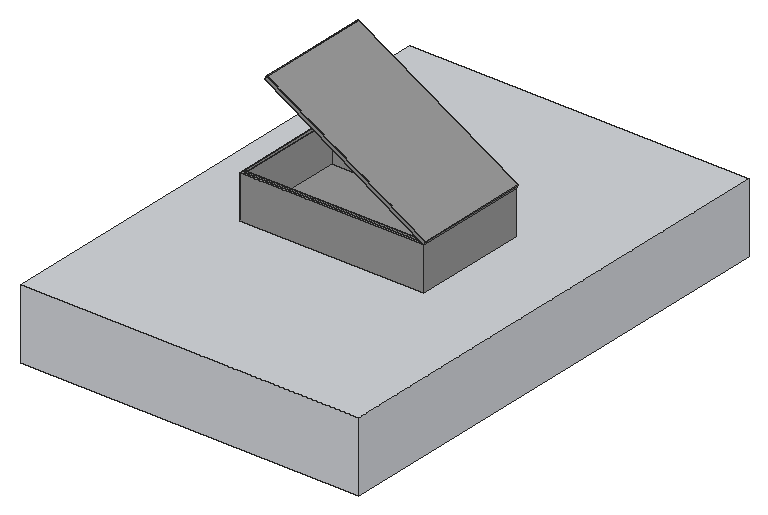
Revit family "Hager-Univers-IP54-D205-H500-Cl.I-Encl-DE-de", category Equipement électrique, Revit 2020
Family settings
  Hôte = Face
  Configuration du panneau = Deux colonnes, circuits au sein
  Cote de connecteur circulaire = Utiliser le diamètre
  Type d'élément = Tableau de raccordement
  Couper avec des vides une fois chargée = Non
  Partagée = Non
  Point de calcul de pièce = Non
Parameters (values of type "Aufputz IP54 B800 H500 T205  - FP33TW2")
  Width Control [instance] = if([EF000008 - Breite] > Min Width, [EF000008 - Breite], Min Width)  # 800 mm
  Commentaires du type = [HG000003 - Bereich]  # "Univers"
  Thickness Door [instance] = if([EF009171 - Materialstärke Tür/Deckel] > 3 mm, 3 mm, [EF009171 - Materialstärke Tür/Deckel])  # 1 mm
  Seal Frame Offset [instance] = 17 mm  # constant formula
  Plinth Visibility [instance] = [HG000027 - Sockelhöhe] > 0 mm  # no
  Model = ""
  Min Width [instance] = 100 mm  # constant formula
  Min Height [instance] = 100 mm  # constant formula
  Min Depth [instance] = (2 * [EF009170 - Materialstärke Gehäuse]) + 1 mm  # 3 mm
  Internal Frame Depth [instance] = (Door System Depth * 0.5)  # 9 mm
  Height Control [instance] = if([EF000040 - Höhe] > Min Height, [EF000040 - Höhe], Min Height)  # 500 mm
  HG000027 - Sockelhöhe = 0 mm
  HG000026 - Stehend auf dem Boden = no
  HG000024 - Höhe des unteren Teils = 800 mm
  HG000023 - Gehäuse mit doppeltem Querschnitt = no
  HG000016 - 3D-Türsichtbarkeit [instance] = yes
  HG000015 - Sichtbarkeit der Türöffnung [instance] = no
  HG000014 - Tür rechts [instance] = yes
  HG000013 - Tür links [instance] = not([HG000014 - Tür rechts])  # no
  HG000012 - Türschwenkwinkel [instance] = 30.00°
  HG000010 - Asymmetrische Türen = no
  HG000009 - Doppelflügeligen Tür = no
  HG000006 - Unterputz = no
  HG000004 - Herstellerreferenz = "FP33TW2"
  HG000003 - Bereich = "Univers"
  HG000002 - Mit tür = yes
  Frame Offset Bottom [instance] = 10 mm  # constant formula
  Frame Offset [instance] = 15 mm  # constant formula
  EF015940 - Deckel mit Überdruckentlastung = no
  EF011959 - Schutzart (NEMA) = ""
  EF009554 - Anzahl der Öffnungen für Flanschplatten = 6
  Fabricant = "Hager"  # constant formula
  EF009212 - Ausführung Deckel = "EV000116 - geschlossen"
  EF009171 - Materialstärke Tür/Deckel = 1 mm
  EF009170 - Materialstärke Gehäuse = 1 mm
  EF008873 - Nennstrom (In) = 250 A
  EF007800 - Geeignet für Blitzschutz = no
  EF006306 - Mit Schloss = no
  EF006244 - Transparenter Deckel/Tür = no
  EF005474 - Schutzart (IP) = "EV006419 - IP54"
  EF004464 - Art der Tür = "EV002646 - Einzel"
  EF004427 - Anzahl der Module = 108
  EF004293 - Schlagfestigkeit = "EV006815 - IK09"
  EF003532 - Geeignet für Außengebrauch = no
  EF002950 - Breite in Teilungseinheiten = 36
  EF001613 - Funktionserhalt = "EV000494 - ohne"
  EF001596 - Werkstoff des Gehäuses = "EV000179 - Stahl"
  EF001131 - Innentiefe = 205 mm
  EF001088 - Anbaumöglichkeit = yes
  EF000437 - Anzahl der Leitungseinführungen = 6
  EF000339 - Art der Abdeckung = "EV001012 - Deckel"
  EF000266 - Anzahl der Reihen = 3
  EF000218 - Einbautiefe = 205 mm
  EF000118 - Mit Montageplatte = no
  EF000116 - RAL-Nummer = "9010"
  EF000049 - Tiefe = 205 mm
  EF000040 - Höhe = 500 mm
  EF000008 - Breite = 800 mm
  EF000007 - Farbe = "EV000202 - weiß"
  EF000003 - Montageart = "EV000384 - Aufputz"
  Door System Leaf Tolerance [instance] = 1.5 mm  # constant formula
  Door System Depth [instance] = 18 mm  # constant formula
  Door Height [instance] = Height Control - [HG000027 - Sockelhöhe]  # 500 mm
  Depth Control [instance] = if([EF000049 - Tiefe] > Min Depth, [EF000049 - Tiefe], Min Depth)  # 205 mm
  Default Elevation = 0 mm
  Connector Offset [instance] = Height Control / 2  # 250 mm
  Bottom Top Plate Trim [instance] = 1.5 mm  # constant formula
  Plinth height Ctrl [instance] = if([HG000027 - Sockelhöhe] > 0 mm, [HG000027 - Sockelhöhe], 12 mm)  # 12 mm
Types (7, lengths in mm): name | Width Control | HG000004 - Herstellerreferenz | EF009554 - Anzahl der Öffnungen für Flanschplatten | EF004464 - Art der Tür | EF004427 - Anzahl der Module | EF002950 - Breite in Teilungseinheiten | EF000437 - Anzahl der Leitungseinführungen | EF000008 - Breite
  Aufputz IP54 B1300 H500 T205  - FP35TW2 | 1300 | "FP35TW2" | 10 | "EV003602 - Doppel" | 180 | 60 | 10 | 1300
  Aufputz IP54 B300 H500 T205  - FP31TW | 300 | "FP31TW" | 2 | "EV002646 - Einzel" | 36 | 12 | 2 | 300
  Aufputz IP54 B300 H500 T205  - FP31TW2 | 300 | "FP31TW2" | 2 | "EV002646 - Einzel" | 36 | 12 | 2 | 300
  Aufputz IP54 B550 H500 T205  - FP32TW | 550 | "FP32TW" | 4 | "EV002646 - Einzel" | 72 | 24 | 4 | 550
  Aufputz IP54 B550 H500 T205  - FP32TW2 | 550 | "FP32TW2" | 4 | "EV002646 - Einzel" | 72 | 24 | 4 | 550
  Aufputz IP54 B800 H500 T205  - FP33TW | 800 | "FP33TW" | 6 | "EV002646 - Einzel" | 108 | 36 | 6 | 800
  Aufputz IP54 B800 H500 T205  - FP33TW2 | 800 | "FP33TW2" | 6 | "EV002646 - Einzel" | 108 | 36 | 6 | 800
Reference planes
  plane 1 "Center (Front/Back)": y = 0
  plane 2: z = 0
  plane 3 "Center (Left/Right)": x = 0
  plane 4: z = 205
  plane 5: y = 1
  plane 6: y = 250
  plane 7: y = 0
  plane 8: y = 500
  plane 9: z = 0
  plane 10: x = -385
  plane 11: x = 385
  plane 12: x = 384
  plane 13: x = -384
  plane 14: y = 499
  plane 15: x = -383
  plane 16: x = -400
  plane 17: x = 383
  plane 18: x = 400
  plane 19: x = 399
  plane 20: x = -399
  plane 21: y = 11
  plane 22: y = 500
  plane 23: y = 484
  plane 24: z = 187
  plane 25: z = 1
  plane 26: z = 186
  plane 27: z = 204
Forms (mm)
  Extrusion 1, solid
    sketch origin (0, 0, 0) x (1, 0, 0) y (0, 1, 0)
      loop
        line (-702.964, 1305) -> (-702.964, -811.445) -> (766.763, -811.445) -> (766.763, 1305) -> (-702.964, 1305)
    from 0 to -304.8
  Extrusion 2, solid, material "Hager_Steel_RAL7035_Light_Grey", visible <- "Plinth Visibility", detail levels medium+fine
    sketch origin (0, 0, 0) x (1, 0, 0) y (0, 1, 0)
      loop
        line (-400, 0) -> (400, 0) -> (400, 12) -> (-400, 12) -> (-400, 0)
    from 0 to 187
  Extrusion 3, solid, material "Hager_Steel_RAL7035_Light_Grey", detail levels medium+fine
    sketch origin (0, 0, 0) x (1, 0, 0) y (0, 1, 0)
      loop
        line (-400, 0) -> (400, 0) -> (400, 500) -> (-400, 500) -> (-400, 0)
    from 0 to 187
  Extrusion 4, void
    sketch origin (0, 0, 0) x (1, 0, 0) y (0, 1, 0)
      loop
        line (-399, 1) -> (399, 1) -> (399, 499) -> (-399, 499) -> (-399, 1)
    from 1 to 186
  Extrusion 5, void
    sketch origin (-381.607, -4572, 187) x (0, -1, 0) y (-1, 0, 0)
      loop
        line (-4583, 2.393) -> (-5056, 2.393) -> (-5056, -765.607) -> (-4583, -765.607) -> (-4583, 2.393)
    from 0 to 1 <- "EF009170 - Materialstärke Gehäuse"
  Extrusion 6, solid, material "Hager_Steel_RAL7035_Light_Grey", detail levels fine
    sketch origin (0, 0, 187) x (1, 0, 0) y (0, 1, 0)
      loop
        line (-384, 484) -> (-384, 11) -> (384, 11) -> (384, 484) -> (-384, 484)
      loop
        line (-385, 10) -> (385, 10) -> (385, 485) -> (-385, 485) -> (-385, 10)
    from 0 to 9 <- "Internal Frame Depth"
  Extrusion 7, solid, material "Hager_Steel_RAL7035_Light_Grey", detail levels coarse
    sketch origin (0, 0, 0) x (1, 0, 0) y (0, 1, 0)
      loop
        line (-400, 0) -> (400, 0) -> (400, 500) -> (-400, 500) -> (-400, 0)
    from 0 to 205
  Sweep 8, void
    path in 3D
      loop
        line (-400, 12, 0) -> (400, 12, 0) -> (400, 12, 187) -> (-400, 12, 187) -> (-400, 12, 0)
    profile origin (-400, 12, 93.5) x (-1, 0, 0) y (0, -1, 0)
      loop
        line (0, 0) -> (0, 1.5) -> (-1.5, 1.5)
        arc (-1.5, 1.5) -> (-1.061, 0.439) -> (0, 0) r 1.5
Cuts and joins
  Extrusion 4, Extrusion 5 cuts Extrusion 3
  Sweep 8 cuts Extrusion 2
Lines and regions (mm)
  Masking region 1
    outline origin (0, 0, 0) x (1, 0, 0) y (0, 0, 1)
      loop
        line (-400, 205) -> (-400, 0) -> (400, 0) -> (400, 205) -> (-400, 205)
  Masking region 2, detail levels medium+fine
    outline origin (0, 140, 0) x (0, 1, 0) y (0, 0, 1)
      loop
        line (-140, 0) -> (360, 0) -> (360, 187) -> (-140, 187) -> (-140, 0)
  Masking region 3, not visible, detail levels medium+fine
    outline origin (0, 297.922, 0) x (0, 1, 0) y (0, 0, 1)
      loop
        line (-36.422, 0) -> (3.578, 0) -> (3.578, 194)
        arc (3.578, 194) -> (0.649, 201.071) -> (-6.422, 204) r 10
        line (-6.422, 204) -> (-36.422, 204) -> (-36.422, 0)
  Masking region 4, detail levels coarse
    outline origin (0, 0, 180) x (0, 1, 0) y (0, 0, 1)
      loop
        line (0, -180) -> (500, -180) -> (500, 25) -> (0, 25) -> (0, -180)
  Masking region 5, visible <- "Plinth Visibility", detail levels medium+fine
    outline origin (0, 52.24, 12.345) x (0, 0, -1) y (0, 1, 0)
      loop
        line (10.845, -40.24) -> (-173.155, -40.24)
        arc (-173.155, -40.24) -> (-173.594, -41.301) -> (-174.655, -41.74) r 1.5
        line (-174.655, -41.74) -> (-174.655, -52.24) -> (12.345, -52.24) -> (12.345, -41.74)
        arc (12.345, -41.74) -> (11.285, -41.301) -> (10.845, -40.24) r 1.5
  Masking region 6, detail levels medium+fine
    outline origin (-381.607, -4572, 187) x (-1, 0, 0) y (0, -1, 0)
      loop
        line (18.393, -5072) -> (18.393, -4572) -> (-781.607, -4572) -> (-781.607, -5072) -> (18.393, -5072)
  Masking region 7, visible <- "Plinth Visibility", detail levels medium+fine
    outline origin (-381.607, -4727, 187) x (-1, 0, 0) y (0, -1, 0)
      loop
        arc (16.893, -4739) -> (17.332, -4737.939) -> (18.393, -4737.5) r 1.5
        line (18.393, -4737.5) -> (18.393, -4727) -> (-781.607, -4727) -> (-781.607, -4737.5)
        arc (-781.607, -4737.5) -> (-780.546, -4737.939) -> (-780.107, -4739) r 1.5
        line (-780.107, -4739) -> (16.893, -4739)
  Masking region 8, detail levels coarse
    outline origin (-442.548, -4669.526, 187) x (-1, 0, 0) y (0, -1, 0)
      loop
        line (-42.548, -5169.526) -> (-42.548, -4669.526) -> (-842.548, -4669.526) -> (-842.548, -5169.526) -> (-42.548, -5169.526)
  sketch lines
    curve 1: line (-400, 12, 187) -> (-400, 12, 0)
    curve 2: line (400, 12, 187) -> (-400, 12, 187)
    curve 3: line (400, 12, 187) -> (400, 12, 0)
    curve 4: line (-400, 12, 0) -> (400, 12, 0)
Dimensions and locks
  "Depth Control": plane 4 to Extrusion 1
  "HG000027 - Sockelhöhe": plane 1 "Center (Front/Back)" to plane 7
  "EF009170 - Materialstärke Gehäuse": plane 5 to plane 7
  locked: connector elem to plane 3 "Center (Left/Right)"
  equal spacing: plane 8, plane 6, plane 7
  locked: connector elem to plane 6
  "EF009170 - Materialstärke Gehäuse": plane 8 to plane 14
  "EF009170 - Materialstärke Gehäuse": plane 10 to plane 13
  "EF009170 - Materialstärke Gehäuse": plane 12 to plane 11
  "Frame Offset": plane 20 to plane 13
  "Frame Offset": plane 12 to plane 19
  "EF009170 - Materialstärke Gehäuse": plane 16 to plane 20
  "EF009170 - Materialstärke Gehäuse": plane 19 to plane 18
  "Seal Frame Offset": plane 16 to plane 15
  "Seal Frame Offset": plane 17 to plane 18
  "Frame Offset Bottom": plane 21 to plane 5
  "Frame Offset": plane 14 to plane 23
  equal spacing: plane 16, plane 3 "Center (Left/Right)", plane 18
  "Width Control": plane 16 to plane 18
  "EF009170 - Materialstärke Gehäuse": plane 4 to plane 27
  "EF009170 - Materialstärke Gehäuse": plane 24 to plane 26
  "EF009170 - Materialstärke Gehäuse": plane 25 to level
  "Door System Depth": plane 4 to plane 24
  "Height Control": plane 1 "Center (Front/Back)" to Extrusion 7 sketch curve
  "Height Control": Masking region 4 sketch curve to plane 1 "Center (Front/Back)"
  "Height Control": plane 1 "Center (Front/Back)" to plane 22
  "Bottom Top Plate Trim": profile plane to Sweep 8 sketch curve
  "Bottom Top Plate Trim": Sweep 8 sketch curve to profile plane
  "Plinth height Ctrl": plane 1 "Center (Front/Back)" to Extrusion 2 sketch curve
  "Plinth height Ctrl": Masking region 5 sketch curve to plane 1 "Center (Front/Back)"
  "Plinth height Ctrl": plane 1 "Center (Front/Back)" to Masking region 7 sketch curve
  "Thickness Door": Extrusion 6 sketch curve to Extrusion 6 sketch curve  (x3)
  "Thickness Door": cut or joined group of Extrusion 3, Extrusion 4, Extrusion 5 to Extrusion 6 sketch curve
  radius of Masking region 3 sketch curve = 10 mm
  "Bottom Top Plate Trim": radius of Masking region 5 sketch curve  (x2)
  "Bottom Top Plate Trim": radius of Sweep 8 sketch curve
  "Bottom Top Plate Trim": radius of Masking region 7 sketch curve  (x2)
  aligned and locked: plane 2 to Extrusion 1
  aligned and locked: level to Extrusion 1
  aligned and locked: level to Masking region 1 sketch curve
  aligned and locked: Masking region 1 sketch curve to plane 18
  aligned and locked: Masking region 1 sketch curve to plane 16
  aligned and locked: plane 7 to Masking region 2 sketch curve
  aligned and locked: level to Masking region 3 sketch curve
  aligned and locked: Masking region 3 sketch curve to plane 27
  aligned and locked: level to Masking region 2 sketch curve
  aligned and locked: plane 1 "Center (Front/Back)" to Extrusion 2 sketch curve
  aligned and locked: Extrusion 3 sketch curve to plane 7
  aligned and locked: plane 16 to Extrusion 3 sketch curve
  aligned and locked: plane 18 to Extrusion 3 sketch curve
  aligned and locked: plane 20 to Extrusion 4 sketch curve
  aligned and locked: plane 19 to Extrusion 4 sketch curve
  aligned and locked: Extrusion 4 sketch curve to plane 5
  aligned and locked: Extrusion 4 to plane 25
  aligned and locked: plane 26 to Extrusion 4
  aligned and locked: plane 24 to Extrusion 3
  aligned and locked: Extrusion 5 sketch curve to plane 21
  aligned and locked: Extrusion 5 sketch curve to plane 13
  aligned and locked: Extrusion 5 sketch curve to plane 12
  aligned and locked: plane 18 to Extrusion 7 sketch curve
  aligned and locked: plane 1 "Center (Front/Back)" to Extrusion 7 sketch curve
  aligned and locked: plane 16 to Extrusion 7 sketch curve
  aligned and locked: plane 4 to Extrusion 7
  aligned and locked: Extrusion 7 to level
  aligned and locked: level to Masking region 4 sketch curve
  aligned and locked: Masking region 4 sketch curve to plane 1 "Center (Front/Back)"
  aligned and locked: Masking region 4 sketch curve to plane 4
  aligned and locked: nested 1 to level
  aligned and locked: nested 1 to plane 16
  aligned and locked: plane 8 to Extrusion 3 sketch curve
  aligned and locked: plane 23 to Extrusion 5 sketch curve
  aligned and locked: plane 14 to Extrusion 4 sketch curve
  aligned and locked: Masking region 2 sketch curve to plane 8
  aligned and locked: level to Masking region 5 sketch curve
  aligned and locked: plane 16 to Extrusion 2 sketch curve
  aligned and locked: plane 18 to Extrusion 2 sketch curve
  aligned and locked: Masking region 5 sketch curve to plane 24
  aligned and locked: Masking region 2 sketch curve to plane 24
  aligned and locked: plane 24 to Extrusion 2
  aligned and locked: profile plane to Sweep 8 sketch curve  (x2)
  aligned and locked: Masking region 6 sketch curve to plane 18
  aligned and locked: Masking region 6 sketch curve to plane 22
  aligned and locked: Masking region 6 sketch curve to plane 16
  aligned and locked: plane 8 to plane 22
  aligned and locked: Masking region 6 sketch curve to plane 7
  aligned and locked: Masking region 7 sketch curve to plane 16
  aligned and locked: Masking region 7 sketch curve to plane 1 "Center (Front/Back)"
  aligned and locked: Masking region 7 sketch curve to plane 18
  aligned and locked: Masking region 8 sketch curve to plane 1 "Center (Front/Back)"
  aligned and locked: Masking region 8 sketch curve to plane 18
  aligned and locked: Masking region 8 sketch curve to plane 22
  aligned and locked: Masking region 8 sketch curve to plane 16
  aligned and locked: nested 2 to plane 7
  aligned and locked: plane 3 "Center (Left/Right)" to nested 2
  aligned and locked: nested 2 to plane 24
  aligned and locked: Extrusion 6 sketch curve to cut or joined group of Extrusion 3, Extrusion 4, Extrusion 5  (x4)
Automatic sketch dimensions
  Extrusion 1 sketch curve to Extrusion 1 sketch curve = 1469.727 mm
  Extrusion 1 sketch curve to Extrusion 1 sketch curve = 2116.445 mm
  Masking region 1 sketch curve to plane 4 = 0 mm
  plane 6 to Masking region 3 sketch curve = 11.5 mm
  Masking region 3 sketch curve to Masking region 3 sketch curve = 30 mm
  Masking region 5 sketch curve to plane 1 "Center (Front/Back)" = 0 mm
Nested families
  nested 1: "Hager_Enclosure_Symbol" at (-400, 0, 0) x (1, 0, 0) z (0, -1, 0), Height <- "Depth Control", Width <- "Width Control", type "Hager_Enclosure_Symbol"
    with Width_Ctrl 800 mm, Width 800 mm, Height_Ctrl 205 mm, Height 205 mm, A_Width_Int 13.453 mm, A_Width 161.438 mm, A_Height_Ctrl 179.375 mm, A_Height 179.375 mm
  nested 2: "EC000058_Univers_Door" at (0, 0, 187) x (1, 0, 0) z (0, 1, 0), Leaf_Tolerance <- "Door System Leaf Tolerance", Angle <- "HG000012 - Türschwenkwinkel", Door_Depth <- "Door System Depth", Door_Left <- "HG000013 - Tür links", Transparent <- "EF006244 - Transparenter Deckel/Tür", Assymetrical <- "HG000010 - Asymmetrische Türen", Width <- "Width Control", Clearance <- "HG000015 - Sichtbarkeit der Türöffnung", Double <- "HG000009 - Doppelflügeligen Tür", 3d_Door <- "HG000016 - 3D-Türsichtbarkeit", Lock_Visibility <- "EF006306 - Mit Schloss", Width_Ctrl <- "Width Control", Door_Right <- "HG000014 - Tür rechts", Door <- "HG000002 - Mit tür", Height <- "Door Height", Thickness <- "Thickness Door", type "EC000058_Univers_Door", detail levels medium+fine
    with min_wh 3 mm, Width_Ctrl 800 mm, Width 800 mm, Transparent no, Thickness 1 mm, Seal_Material Hager_Rubber, Lock_Visibility no, Lock_Material Hager_Plastic_RAL9005_Jet_Black, Leaf_Width 800 mm, Leaf_Tolerance_External_Sides 0 mm, Leaf_Tolerance 1.5 mm, Leaf_Offset 0 mm, Leaf_Height 497 mm, Leaf_2_Width 800 mm, Leaf_2_Offset 400 mm, Leaf_1_Width 800 mm, Leaf_1_Offset 400 mm, Height_Ctrl 500 mm, Height 500 mm, Glass_Material Hager_Glass, Double_Clearance_Ctrl no, Double no, Door_Right_Ctrl yes, Door_Right yes, Door_Material Hager_Steel_RAL7035_Light_Grey, Door_Left_Ctrl no, Door_Left no, Door_Depth 18 mm, Door yes, Clearance_Material Hager_Clearance, Clearance_Depth 800 mm, Clearance_Ctrl no, Clearance no, Assymetrical no, Angle 30.00°, 3d_Door yes
Connectors
  electrical at (0, 250, 0)
    settings: on plane 9, index 1, voltage 0 V, apparent load 0 VA, apparent load phase1 0 VA, apparent load phase2 0 VA, apparent load phase3 0 VA, power factor 1, load classification "Other", number of poles 1, system type 30, power factor state 1, is connector primary yes, connector utility no, sub classification motor no, connector description ""
Definition of nested family "EC000058_Univers_Door"
  Parameters (values of type "EC000058_Univers_Door")
    min_wh [instance] = (2 * Thickness) + 1 mm  # 11 mm
    Width_Ctrl [instance] = 400 mm
    Width [instance] = 500 mm
    Transparent [instance] = yes
    Thickness [instance] = 5 mm
    Seal_Material [instance] = none
    Lock_Visibility [instance] = yes
    Lock_Material [instance] = none
    Leaf_Width [instance] = if((Width_Ctrl - 2 * Leaf_Tolerance_External_Sides) > 0 mm, (Width_Ctrl - 2 * Leaf_Tolerance_External_Sides), min_wh)  # 400 mm
    Leaf_Tolerance_External_Sides [instance] = 0 mm  # constant formula
    Leaf_Tolerance [instance] = 1.5 mm
    Leaf_Offset [instance] = 0 mm  # constant formula
    Leaf_Height [instance] = if((Height_Ctrl - 2 * Leaf_Tolerance) > 0 mm, (Height_Ctrl - 2 * Leaf_Tolerance), min_wh)  # 497 mm
    Leaf_2_Width [instance] = if(and(and(Double, Assymetrical), Door_Left), (Leaf_Width / 3) - (Leaf_Tolerance / 2), if(and(and(Double, Assymetrical), Door_Right), (Leaf_Width / 3) * 2 - (Leaf_Tolerance / 2), if(and(Double, not(Assymetrical)), (Leaf_Width / 2) - Leaf_Tolerance, Leaf_Width)))  # 400 mm
    Leaf_2_Offset [instance] = if(and(Double, Assymetrical), Leaf_2_Width / 2, if(and(Double, not(Assymetrical)), Leaf_Width / 4, Leaf_Width / 2))  # 200 mm
    Leaf_1_Width [instance] = if(and(and(Double, Assymetrical), Door_Right), (Leaf_Width / 3) - (Leaf_Tolerance / 2), if(and(and(Double, Assymetrical), Door_Left), (Width / 3) * 2 - (Leaf_Tolerance / 2), if(and(Double, not(Assymetrical)), (Leaf_Width / 2) - Leaf_Tolerance, Leaf_Width)))  # 400 mm
    Leaf_1_Offset [instance] = if(and(Double, Assymetrical), Leaf_1_Width / 2, if(and(Double, not(Assymetrical)), Leaf_Width / 4, Leaf_Width / 2))  # 200 mm
    Height_Ctrl [instance] = if(Height > min_wh, Height, min_wh)  # 500 mm
    Height [instance] = 500 mm
    Glass_Material [instance] = none
    Double_Clearance_Ctrl [instance] = and(Double, Clearance)  # no
    Double [instance] = no
    Door_Right_Ctrl [instance] = and(or(Door_Right, Double), Door)  # yes
    Door_Right [instance] = yes
    Door_Material [instance] = none
    Door_Left_Ctrl [instance] = and(or(Door_Left, Double), Door)  # no
    Door_Left [instance] = no
    Door_Depth [instance] = 30 mm
    Door [instance] = yes
    Default Elevation = 1219.2 mm
    Clearance_Material [instance] = none
    Clearance_Depth [instance] = if(Leaf_1_Width > Leaf_2_Width, Leaf_1_Width, Leaf_2_Width)  # 400 mm
    Clearance_Ctrl [instance] = and(not(Double), Clearance)  # yes
    Clearance [instance] = yes
    Assymetrical [instance] = yes
    Angle [instance] = 30.00°
    3d_Door [instance] = yes
  Reference planes
    plane 1 "Center (Front/Back)": y = 0
    plane 2 "Bottom": z = 0
    plane 3 "Center (Left/Right)": x = 0
    plane 4: z = 500
    plane 5: x = -200
    plane 6: x = 200
    plane 7: z = 500
    plane 8: x = -200
    plane 9: z = 0
    plane 10: x = 200
    plane 11: y = 0
    plane 12: z = 1.5
    plane 13: x = -600
    plane 14: y = -400
    plane 15: x = 600
    plane 16: x = 0
    plane 17: x = 0
    plane 18: x = -200
    plane 19: x = 200
    plane 20: z = 498.5
  Forms (mm)
    Extrusion 1, solid, material <- "Clearance_Material", visible <- "Double_Clearance_Ctrl"
      sketch origin (1200, 0, 0) x (1, 0, 0) y (0, 0, -1)
        loop
          line (-1800, -498.5) -> (-600, -498.5) -> (-600, 0) -> (-1800, 0) -> (-1800, -498.5)
      from 0 to -400
  Dimensions and locks
    equal spacing: plane 5, plane 3 "Center (Left/Right)", plane 6
    "Width_Ctrl": plane 5 to plane 6
    "Leaf_Offset": plane 5 to plane 8
    "Leaf_Offset": plane 6 to plane 10
    "Leaf_Offset": plane 9 to level
    "Leaf_Offset": plane 4 to plane 7
    "Height_Ctrl": plane 4 to level
    "Leaf_Tolerance": plane 12 to plane 9
    locked: plane 11 to plane 1 "Center (Front/Back)"
    "Leaf_1_Offset": plane 18 to plane 16
    "Leaf_2_Offset": plane 17 to plane 19
    "Leaf_1_Width": plane 13 to plane 8
    "Leaf_2_Width": plane 10 to plane 15
    "Clearance_Depth": plane 14 to plane 1 "Center (Front/Back)"
    "Leaf_Tolerance_External_Sides": plane 8 to plane 18
    "Leaf_Tolerance_External_Sides": plane 19 to plane 10
    "Leaf_Tolerance": plane 7 to plane 20
    aligned and locked: level to plane 2 "Bottom"
    aligned and locked: nested 1 to plane 16
    aligned and locked: nested 2 to plane 17
    aligned and locked: Extrusion 1 to plane 13
    aligned and locked: plane 15 to Extrusion 1
    aligned and locked: Extrusion 1 to plane 14
    aligned and locked: plane 12 to nested 1
    aligned and locked: nested 2 to plane 12
    aligned and locked: Extrusion 1 to plane 11
    aligned and locked: plane 20 to Extrusion 1
    aligned and locked: nested 2 to plane 11
    aligned and locked: nested 1 to plane 11
  Automatic sketch dimensions
    Extrusion 1 sketch curve to level = 0 mm
    plane 5 to Extrusion 1 sketch curve = 400 mm
    plane 6 to Extrusion 1 sketch curve = 400 mm
    Extrusion 1 sketch curve to plane 4 = 1.5 mm
  Nested families
    nested 1: "EC000058_Univers_Door_Leaf" at (0, 0, 1.5), Width <- "Leaf_1_Width", visible <- "Door_Left_Ctrl", Leaf_Height <- "Leaf_Height", Angle <- "Angle", 3d_Door <- "3d_Door", Transparent <- "Transparent", Clearance Material <- "Clearance_Material", Clearance <- "Clearance_Ctrl", Door_Material <- "Door_Material", Glass_Material <- "Glass_Material", Door_Depth <- "Door_Depth", Lock_Material <- "Lock_Material", Seal_Material <- "Seal_Material", Lock_Visibility <- "Lock_Visibility", Thickness <- "Thickness", type "EC000058_Univers_Door_Leaf"
      with Width 400 mm, Transparent_Glass_Offset 30 mm, Transparent_Ctrl yes, Transparent yes, Thickness 5 mm, Standard no, Seal_Material none, Seal_D2 8 mm, Seal_D1 1 mm, Offset_Internal_Frame 10 mm, Lock_Width 20 mm, Lock_Visibility_3d yes, Lock_Visibility yes, Lock_Thickness_3 3 mm, Lock_Thickness_2 1 mm, Lock_Thickness_1 3 mm, Lock_Radius_Offset_2 16 mm, Lock_Radius_Offset_1 15 mm, Lock_Radius_2 5 mm, Lock_Radius 6 mm, Lock_Offset 5 mm, Lock_Material none, Lock_Height 80 mm, Lock_Cover_Top_Offset_2d 17 mm, Lock_Cover_Height -65 mm, Leaf_Height 497 mm, Internal_Seal_Thickness 8 mm, Internal_Seal_Depth_2 4.5 mm, Internal_Frame_Depth 25 mm, Glass_Thickness -1 mm, Glass_Offset -2 mm, Glass_Material none, Door_Material none, Door_Depth 30 mm, Clearance Material none, Clearance yes, Angle_Ctrl 30.00°, Angle 30.00°, 3d_Door yes
    nested 2: "EC000058_Univers_Door_Leaf" at (0, 0, 1.5) x (-1, 0, 0) z (0, 0, 1), Width <- "Leaf_2_Width", visible <- "Door_Right_Ctrl", Leaf_Height <- "Leaf_Height", Angle <- "Angle", 3d_Door <- "3d_Door", Transparent <- "Transparent", Clearance Material <- "Clearance_Material", Clearance <- "Clearance_Ctrl", Door_Material <- "Door_Material", Glass_Material <- "Glass_Material", Door_Depth <- "Door_Depth", Lock_Material <- "Lock_Material", Seal_Material <- "Seal_Material", Lock_Visibility <- "Lock_Visibility", Thickness <- "Thickness", type "EC000058_Univers_Door_Leaf"
      with Width 400 mm, Transparent_Glass_Offset 30 mm, Transparent_Ctrl yes, Transparent yes, Thickness 5 mm, Standard no, Seal_Material none, Seal_D2 8 mm, Seal_D1 1 mm, Offset_Internal_Frame 10 mm, Lock_Width 20 mm, Lock_Visibility_3d yes, Lock_Visibility yes, Lock_Thickness_3 3 mm, Lock_Thickness_2 1 mm, Lock_Thickness_1 3 mm, Lock_Radius_Offset_2 16 mm, Lock_Radius_Offset_1 15 mm, Lock_Radius_2 5 mm, Lock_Radius 6 mm, Lock_Offset 5 mm, Lock_Material none, Lock_Height 80 mm, Lock_Cover_Top_Offset_2d 17 mm, Lock_Cover_Height -65 mm, Leaf_Height 497 mm, Internal_Seal_Thickness 8 mm, Internal_Seal_Depth_2 4.5 mm, Internal_Frame_Depth 25 mm, Glass_Thickness -1 mm, Glass_Offset -2 mm, Glass_Material none, Door_Material none, Door_Depth 30 mm, Clearance Material none, Clearance yes, Angle_Ctrl 30.00°, Angle 30.00°, 3d_Door yes
  Definition of nested family "EC000058_Univers_Door_Leaf"
    Parameters (values of type "EC000058_Univers_Door_Leaf")
      Width [instance] = 2000 mm
      Transparent_Glass_Offset [instance] = 30 mm
      Transparent_Ctrl [instance] = and(Transparent, [3d_Door])  # yes
      Transparent [instance] = yes
      Thickness [instance] = 5 mm
      Standard [instance] = and(not(Transparent), [3d_Door])  # no
      Seal_Material [instance] = none
      Seal_D2 [instance] = 8 mm  # constant formula
      Seal_D1 [instance] = 1 mm  # constant formula
      Offset_Internal_Frame [instance] = 10 mm  # constant formula
      Lock_Width [instance] = 20 mm  # constant formula
      Lock_Visibility_3d [instance] = and(Lock_Visibility, [3d_Door])  # yes
      Lock_Visibility [instance] = yes
      Lock_Thickness_3 [instance] = 3 mm  # constant formula
      Lock_Thickness_2 [instance] = 1 mm  # constant formula
      Lock_Thickness_1 [instance] = 3 mm  # constant formula
      Lock_Radius_Offset_2 [instance] = Lock_Radius_Offset_1 + 1 mm  # 16 mm
      Lock_Radius_Offset_1 [instance] = 15 mm  # constant formula
      Lock_Radius_2 [instance] = Lock_Radius - 1 mm  # 5 mm
      Lock_Radius [instance] = 6 mm  # constant formula
      Lock_Offset [instance] = 5 mm  # constant formula
      Lock_Material [instance] = none
      Lock_Height [instance] = 80 mm  # constant formula
      Lock_Cover_Top_Offset_2d [instance] = Lock_Radius_Offset_2 + 1 mm  # 17 mm
      Lock_Cover_Height [instance] = -(Lock_Height - Lock_Radius_Offset_1)  # -65 mm
      Leaf_Height [instance] = 2720.336 mm
      Internal_Seal_Thickness [instance] = 8 mm  # constant formula
      Internal_Seal_Depth_2 [instance] = 4.5 mm  # constant formula
      Internal_Frame_Depth [instance] = if(Door_Depth - Thickness > 5 mm, Door_Depth - Thickness, 5 mm)  # 25 mm
      Glass_Thickness [instance] = if(Thickness > 15 mm, Glass_Offset + 10 mm, -1 mm)  # -1 mm
      Glass_Offset [instance] = if(Thickness > 15 mm, -(Thickness + 10 mm) / 2, -2 mm)  # -2 mm
      Glass_Material [instance] = none
      Door_Material [instance] = none
      Door_Depth [instance] = 30 mm
      Default Elevation = 0 mm
      Clearance Material [instance] = none
      Clearance [instance] = yes
      Angle_Ctrl [instance] = if(Angle > 180.00°, 180.00°, Angle)  # 90.00°
      Angle [instance] = 90.00°
      3d_Door [instance] = yes
    Reference planes
      plane 1 "Center (Front/Back)": y = 0
      plane 2: z = 0
      plane 3 "Center (Left/Right)": x = 0
      plane 4: y = 2000
      plane 5: x = -1000
      plane 6: x = 1000
      plane 7: x = -3000
      plane 8: z = 2720.336
      plane 9: z = 30
      plane 10: z = 2690.336
      plane 11: x = 970
      plane 12: x = -970
      plane 13: y = -3
      plane 14: z = 107.833
      plane 15: y = -5
      plane 16: y = -223.314
      plane 17: x = -1000
      plane 18: z = 1360.168
      plane 19: y = 30
    Forms (mm)
      Extrusion 1, solid, material <- "Clearance Material", visible <- "Clearance"
        sketch origin (0, 0, 0) x (1, 0, 0) y (0, 0, 1)
          loop
            line (-3000, 2720.336) -> (-3000, 0) -> (1000, 0) -> (1000, 2720.336) -> (-3000, 2720.336)
        from 0 to -2000
      Extrusion 2, solid, material <- "Door_Material", visible <- "Standard", detail levels medium+fine
        sketch origin (-1000, 0, 0) x (0, 1, 0) y (-1, 0, 0)
          loop
            line (0, 30) -> (0, 25) -> (2000, 25) -> (2000, 30) -> (0, 30)
        from 0 to 2720.336 <- "Leaf_Height"
      Extrusion 3, solid, material <- "Door_Material", visible <- "Transparent_Ctrl", detail levels medium+fine
        sketch origin (-1000, 0, 0) x (0, 1, 0) y (-1, 0, 0)
          loop
            line (0, 25) -> (2000, 25) -> (2000, 30) -> (0, 30) -> (0, 25)
        from 0 to 2720.336 <- "Leaf_Height"
      Extrusion 4, void
        sketch origin (-1025, 2000, 0) x (0, 1, 0) y (0, 0, -1)
          loop
            line (-30, -2690.336) -> (-30, -30) -> (-1970, -30) -> (-1970, -2690.336) -> (-30, -2690.336)
        from 0 to 5 <- "Thickness"
      Sweep 5, solid, material <- "Seal_Material", visible <- "Transparent_Ctrl", detail levels fine
        path in 3D
          loop
            line (-1025, 30, 30) -> (-1025, 30, 2690.336) -> (-1025, 1970, 2690.336) -> (-1025, 1970, 30) -> (-1025, 30, 30)
        profile origin (-1025, 1000, 30) x (1, 0, 0) y (0, 0, 1)
          loop
            line (0, 0) -> (0, -8) -> (1, -8) -> (1, 0) -> (0, 0)
      Extrusion 6, solid, material <- "Glass_Material", visible <- "Transparent_Ctrl", detail levels medium+fine
        sketch origin (-1030, 0, 0) x (0, 1, 0) y (0, 0, -1)
          loop
            line (1970, -2690.336) -> (1970, -30) -> (30, -30) -> (30, -2690.336) -> (1970, -2690.336)
        from -2 <- "Glass_Offset" to -1 <- "Glass_Thickness"
      Extrusion 7, solid, material <- "Door_Material", visible <- "3d_Door", detail levels medium+fine
        sketch origin (-1025, 2000, 0) x (0, -1, 0) y (0, 0, -1)
          loop
            line (0, -2720.336) -> (2000, -2720.336) -> (2000, 0) -> (0, 0) -> (0, -2720.336)
          loop
            line (1995, -5) -> (5, -5) -> (5, -2715.336) -> (1995, -2715.336) -> (1995, -5)
        from 0 to 25 <- "Internal_Frame_Depth"
      Sweep 8, solid, material <- "Seal_Material", visible <- "Transparent_Ctrl", detail levels fine
        path in 3D
          loop
            line (-1025, 0, 0) -> (-1025, 2000, 0) -> (-1025, 2000, 2720.336) -> (-1025, 0, 2720.336) -> (-1025, 0, 0)
        profile origin (-1025, 0, 1360.168) x (1, 0, 0) y (0, 1, 0)
          loop
            line (0, 10) -> (2.975, 10)
            arc (2.975, 10) -> (4.053, 10.447) -> (4.5, 11.525) r 1.525
            line (4.5, 11.525) -> (4.5, 16.527)
            arc (4.5, 16.527) -> (4.069, 17.569) -> (3.027, 18) r 1.473
            line (3.027, 18) -> (0, 18) -> (0, 10)
      Extrusion 9, solid, material <- "Lock_Material", visible <- "Lock_Visibility_3d", detail levels fine
        sketch origin (-1030, 0, 0) x (0, 1, 0) y (0, 0, -1)
          loop
            arc (1993.5, -1400.168) -> (1994.561, -1399.729) -> (1995, -1398.668) r 1.5
            line (1995, -1398.668) -> (1995, -1320.168) -> (1975, -1320.168) -> (1975, -1398.668)
            arc (1975, -1398.668) -> (1975.439, -1399.729) -> (1976.5, -1400.168) r 1.5
            line (1976.5, -1400.168) -> (1993.5, -1400.168)
        from 3 <- "Lock_Thickness_1" to 0
      Blend 10, solid, material <- "Lock_Material", visible <- "Lock_Visibility_3d", detail levels fine
        base sketch origin (-1033, 0, 0) x (0, 1, 0) y (0, 0, -1)
          loop
            line (1975, -1320.168) -> (1975, -1398.668)
            arc (1975, -1398.668) -> (1975.439, -1399.729) -> (1976.5, -1400.168) r 1.5
            line (1976.5, -1400.168) -> (1993.5, -1400.168)
            arc (1993.5, -1400.168) -> (1994.561, -1399.729) -> (1995, -1398.668) r 1.5
            line (1995, -1398.668) -> (1995, -1320.168) -> (1975, -1320.168)
        top sketch origin (-1033, 0, 0) x (0, 1, 0) y (0, 0, -1)
          loop
            line (1976, -1320.168) -> (1976, -1398.668)
            arc (1976, -1398.668) -> (1976.146, -1399.022) -> (1976.5, -1399.168) r 0.5
            line (1976.5, -1399.168) -> (1993.5, -1399.168)
            arc (1993.5, -1399.168) -> (1993.854, -1399.022) -> (1994, -1398.668) r 0.5
            line (1994, -1398.668) -> (1994, -1320.168) -> (1976, -1320.168)
        from 0 to 1 <- "Lock_Thickness_2"
      Blend 11, solid, material <- "Lock_Material", visible <- "Lock_Visibility_3d", detail levels fine
        base sketch origin (-1034, 0, 0) x (0, 1, 0) y (0, 0, -1)
          loop
            line (1978, -1320.168) -> (1978, -1384.168)
            arc (1978, -1384.168) -> (1985, -1391.168) -> (1992, -1384.168) r 7
            line (1992, -1384.168) -> (1992, -1320.168) -> (1978, -1320.168)
        top sketch origin (-1034, 0, 0) x (0, 1, 0) y (0, 0, -1)
          loop
            line (1991, -1320.168) -> (1979, -1320.168) -> (1979, -1383.168)
            arc (1979, -1383.168) -> (1985, -1389.168) -> (1991, -1383.168) r 6
            line (1991, -1383.168) -> (1991, -1320.168)
        from 0 to 3 <- "Lock_Thickness_3"
      Extrusion 12, solid, material <- "Lock_Material", visible <- "Lock_Visibility_3d", detail levels fine
        sketch origin (-1030, 1975, 1320.168) x (1, 0, 0) y (0, -1, 0)
          loop
            line (-7, -19) -> (-7, -1) -> (0, -1) -> (0, 0) -> (-8, 0) -> (-8, -20) -> (0, -20) -> (0, -19) -> (-7, -19)
        from 0 to -65 <- "Lock_Cover_Height"
      Extrusion 13, void
        sketch origin (-1038, 1995, 1320.168) x (-1, 0, 0) y (0, 0, -1)
          loop
            line (-5, -65) -> (0, -65) -> (-5, -60) -> (-5, -65)
        from 0 to 20 <- "Lock_Width"
      Extrusion 14, void
        sketch origin (-1038, 1975, 1320.168) x (0, -1, 0) y (0, 0, -1)
          loop
            circle (-10, -15.995) r 6
          loop
            circle (-10, -15.995) r 5
        from 0 to 2
      Extrusion 15, solid, material <- "Lock_Material", visible <- "Lock_Visibility_3d", detail levels medium
        sketch origin (-1030, 0, 0) x (0, 1, 0) y (0, 0, -1)
          loop
            arc (1993.5, -1400.168) -> (1994.561, -1399.729) -> (1995, -1398.668) r 1.5
            line (1995, -1398.668) -> (1995, -1320.168) -> (1975, -1320.168) -> (1975, -1398.668)
            arc (1975, -1398.668) -> (1975.439, -1399.729) -> (1976.5, -1400.168) r 1.5
            line (1976.5, -1400.168) -> (1993.5, -1400.168)
        from 8 to 0
    Cuts and joins
      Extrusion 4 cuts Extrusion 3
      Extrusion 13, Extrusion 14 cuts Extrusion 9
      Extrusion 14 cuts Blend 11
      Extrusion 13, Extrusion 14 cuts Extrusion 12
      joined: Extrusion 9, Blend 10, Blend 11, Extrusion 12
      Extrusion 14 cuts Extrusion 15
    Lines and regions (mm)
      Masking region 1, visible <- "Lock_Visibility", detail levels fine
        outline origin (0, 0, 0) x (0, 1, 0) y (0, 0, 1)
          loop
            line (30, 1320.168) -> (33, 1320.168) -> (33, 1400.168) -> (30, 1400.168) -> (30, 1320.168)
      Masking region 2, visible <- "Lock_Visibility", detail levels fine
        outline origin (0, 3.143, 0) x (0, 1, 0) y (0, 0, 1)
          loop
            line (29.857, 1354.168) -> (30.857, 1354.168) -> (30.857, 1366.168) -> (29.857, 1366.168) -> (29.857, 1354.168)
      Masking region 3, detail levels medium+fine
        outline origin (0, 0, 0) x (0, 1, 0) y (0, 0, 1)
          loop
            line (0, 0) -> (30, 0) -> (30, 2720.336) -> (0, 2720.336) -> (0, 0)
      Masking region 4, detail levels medium+fine
        outline origin (0, 0, 0) x (1, 0, 0) y (0, 0, 1)
          loop
            line (-1000, 2720.336) -> (-1000, 0) -> (1000, 0) -> (1000, 2720.336) -> (-1000, 2720.336)
      Masking region 5, visible <- "Lock_Visibility", detail levels fine
        outline origin (-47.116, 0, 0) x (1, 0, 0) y (0, 0, 1)
          loop
            arc (1024.616, 1399.168) -> (1023.556, 1398.729) -> (1023.116, 1397.668) r 1.5
            line (1023.116, 1397.668) -> (1023.116, 1320.168) -> (1041.116, 1320.168) -> (1041.116, 1397.668)
            arc (1041.116, 1397.668) -> (1040.677, 1398.729) -> (1039.616, 1399.168) r 1.5
            line (1039.616, 1399.168) -> (1024.616, 1399.168)
      Masking region 6, visible <- "Lock_Visibility", detail levels medium+fine
        outline origin (-25, 0, 0) x (1, 0, 0) y (0, 0, 1)
          loop
            arc (1001.5, 1400.168) -> (1000.439, 1399.729) -> (1000, 1398.668) r 1.5
            line (1000, 1398.668) -> (1000, 1320.168) -> (1020, 1320.168) -> (1020, 1398.668)
            arc (1020, 1398.668) -> (1019.561, 1399.729) -> (1018.5, 1400.168) r 1.5
            line (1018.5, 1400.168) -> (1001.5, 1400.168)
      Masking region 7, visible <- "Lock_Visibility", detail levels fine
        outline origin (-73.735, 0, 0) x (1, 0, 0) y (0, 0, 1)
          loop
            line (1051.735, 1382.168) -> (1065.735, 1382.168) -> (1065.735, 1384.168)
            arc (1065.735, 1384.168) -> (1058.735, 1391.168) -> (1051.735, 1384.168) r 7
            line (1051.735, 1384.168) -> (1051.735, 1382.168)
      Masking region 8, visible <- "Lock_Visibility", detail levels fine
        outline origin (-73.735, 0, 0) x (1, 0, 0) y (0, 0, 1)
          loop
            line (1052.735, 1382.168) -> (1064.735, 1382.168) -> (1064.735, 1383.168)
            arc (1064.735, 1383.168) -> (1058.735, 1389.168) -> (1052.735, 1383.168) r 6
            line (1052.735, 1383.168) -> (1052.735, 1382.168)
      Masking region 9, visible <- "Lock_Visibility", detail levels fine
        outline origin (-25, 0, 0) x (1, 0, 0) y (0, 0, 1)
          loop
            line (1020, 1320.168) -> (1020, 1382.168) -> (1000, 1382.168) -> (1000, 1320.168) -> (1020, 1320.168)
      Masking region 10, detail levels medium+fine
        outline origin (0, 0, 0) x (1, 0, 0) y (0, 0, 1)
          loop
            circle (985, 1335.144) r 6
      Masking region 11, detail levels fine
        outline origin (0, 0, 0) x (1, 0, 0) y (0, 0, 1)
          loop
            circle (985, 1335.144) r 5
      Masking region 12, visible <- "Lock_Visibility", detail levels fine
        outline origin (0, 12.767, 0) x (0, 1, 0) y (0, 0, 1)
          loop
            line (20.233, 1320.168) -> (21.233, 1320.168) -> (21.233, 1399.168) -> (20.233, 1400.168) -> (20.233, 1320.168)
      Masking region 13, visible <- "Lock_Visibility", detail levels fine
        outline origin (0, 13.767, -10) x (0, 1, 0) y (0, 0, 1)
          loop
            line (20.233, 1330.168) -> (23.233, 1330.168) -> (23.233, 1399.168) -> (20.233, 1402.168) -> (20.233, 1330.168)
      Masking region 14, visible <- "Lock_Visibility", detail levels fine
        outline origin (0, 12.767, -10) x (0, 1, 0) y (0, 0, 1)
          loop
            line (20.233, 1330.168) -> (25.233, 1330.168) -> (25.233, 1399.305) -> (20.233, 1394.305) -> (20.233, 1330.168)
      Masking region 15, visible <- "Lock_Visibility", detail levels medium
        outline origin (0, 0, 0) x (0, 1, 0) y (0, 0, 1)
          loop
            line (30, 1320.168) -> (38, 1320.168) -> (38, 1400.168) -> (30, 1400.168) -> (30, 1320.168)
      Masking region 16, visible <- "Lock_Visibility", detail levels fine
        outline origin (-1000, 0, 0) x (0, 1, 0) y (-1, 0, 0)
          loop
            line (1975, 30) -> (1995, 30) -> (1995, 38) -> (1975, 38) -> (1975, 30)
          loop
            line (1979, 37) -> (1976, 37) -> (1976, 34) -> (1978, 34) -> (1979, 37)
          loop
            line (1994, 37) -> (1991, 37) -> (1992, 34) -> (1994, 34) -> (1994, 37)
      Masking region 17, visible <- "Lock_Visibility", detail levels medium
        outline origin (-1000, 0, 0) x (0, 1, 0) y (-1, 0, 0)
          loop
            line (1975, 30) -> (1995, 30) -> (1995, 38) -> (1975, 38) -> (1975, 30)
      symbolic lines
        curve 1: line (1000, 0, 0) -> (-3000, 0, 0)
        curve 2: arc (1000, 0, 0) -> (-1000, 2000, 0) -> (-3000, 0, 0) r 2000
        curve 4: line (-1030, 0, 0) -> (-1030, 2000, 0)
      reference lines
        curve 3: line (-1000, 0, 0) -> (-1000, 2000, 0)
      symbolic lines, detail levels medium+fine
        curve 5: line (-1030, 2000, 0) -> (-1025, 2000, 0)
        curve 7: line (-1025, 0, 0) -> (-1030, 0, 0)
        curve 8: line (-1025, 0, 0) -> (-1000, 0, 0)
        curve 9: line (-1000, 0, 0) -> (-1000, 2000, 0)
        curve 10: line (-1000, 2000, 0) -> (-1025, 2000, 0)
      symbolic lines, detail levels fine
        curve 6: line (-1025, 2000, 0) -> (-1025, 0, 0)
      sketch lines
        curve 11: line (-1025, 0, 2720.336) -> (-1025, 0, 0)
        curve 12: line (-1025, 2000, 0) -> (-1025, 0, 0)
        curve 13: line (-1025, 2000, 2720.336) -> (-1025, 2000, 0)
        curve 14: line (-1025, 0, 2720.336) -> (-1025, 2000, 2720.336)
        curve 15: line (-1025, 1970, 30) -> (-1025, 30, 30)
        curve 16: line (-1025, 30, 30) -> (-1025, 30, 2690.336)
        curve 17: line (-1025, 1970, 2690.336) -> (-1025, 1970, 30)
        curve 18: line (-1025, 30, 2690.336) -> (-1025, 1970, 2690.336)
      symbolic lines, visible <- "Transparent", detail levels medium+fine
        curve 19: line (-970, 0, 2690.336) -> (970, 0, 2690.336)
        curve 20: line (-970, 0, 30) -> (-970, 0, 2690.336)
        curve 21: line (970, 0, 30) -> (-970, 0, 30)
        curve 22: line (970, 0, 2690.336) -> (970, 0, 30)
    Dimensions and locks
      "Width": plane 1 "Center (Front/Back)" to plane 4
      equal spacing: plane 5, plane 3 "Center (Left/Right)", plane 6
      "Width": plane 5 to plane 6
      "Width": plane 7 to plane 5
      "Leaf_Height": plane 8 to level
      "Width": curve 5 to curve 3
      "Width": curve 3 to curve 3
      plane 8 to plane 10 = 30 mm
      plane 9 to level = 30 mm
      plane 12 to plane 5 = 30 mm
      plane 6 to plane 11 = 30 mm
      Extrusion 1 to Extrusion 4 sketch curve = 30 mm
      "Transparent_Glass_Offset": curve 3 to Extrusion 4 sketch curve
      "Transparent_Glass_Offset": Extrusion 4 sketch curve to cut or joined group of Extrusion 3, Extrusion 4  (x2)
      cut or joined group of Extrusion 3, Extrusion 4 to Extrusion 6 sketch curve = 30 mm
      "Transparent_Glass_Offset": cut or joined group of Extrusion 3, Extrusion 4 to Extrusion 4 sketch curve
      "Thickness": curve 6 to curve 4
      "Thickness": Extrusion 7 sketch curve to Extrusion 7 sketch curve  (x4)
      "Door_Depth": curve 4 to curve 3
      "Offset_Internal_Frame": profile plane to Sweep 8 sketch curve
      "Internal_Seal_Thickness": Sweep 8 sketch curve to Sweep 8 sketch curve
      "Internal_Seal_Depth_2": profile plane to Sweep 8 sketch curve
      "Seal_D1": profile plane to Sweep 5 sketch curve
      "Seal_D2": profile plane to Sweep 5 sketch curve
      "Thickness": Extrusion 2 sketch curve to Extrusion 2 sketch curve
      equal spacing: Extrusion 9 sketch curve, plane 18, Extrusion 9 sketch curve  (x2)
      equal spacing: Masking region 1 sketch curve, plane 18, Masking region 1 sketch curve
      "Lock_Height": Masking region 1 sketch curve to Masking region 1 sketch curve
      "Lock_Radius": Masking region 2 sketch curve to plane 18 to Masking region 2 sketch curve
      Masking region 2 sketch curve to Masking region 1 = 1 mm
      "Door_Depth": plane 19 to plane 1 "Center (Front/Back)"
      "Lock_Thickness_1": Masking region 1 sketch curve to plane 19
      "Lock_Width": Extrusion 9 sketch curve to Extrusion 9 sketch curve
      "Lock_Height": Extrusion 9 sketch curve to Extrusion 9 sketch curve
      "Lock_Offset": cut or joined group of Extrusion 3, Extrusion 4 to Extrusion 9 sketch curve
      equal spacing: plane 8, plane 18, level
      "Lock_Radius_Offset_1": Blend 11 sketch curve to Blend 10
      locked: Blend 10 to Blend 11 sketch curve at 2  (x2)
      locked: var sketch to Blend 11 sketch curve at 1  (x2)
      "Lock_Radius_Offset_2": Blend 11 sketch curve to Blend 10
      locked: Extrusion 12 sketch curve to Extrusion 12 sketch curve at 1  (x3)
      Masking region 6 sketch curve to Masking region 6 sketch curve = 80 mm
      "Lock_Height": Masking region 6 sketch curve to Masking region 6 sketch curve
      "Lock_Width": Masking region 6 sketch curve to Masking region 6 sketch curve
      locked: Masking region 6 to Masking region 5 sketch curve at 1  (x3)
      locked: Masking region 5 to Masking region 7 sketch curve at 2  (x2)
      "Lock_Radius_Offset_1": Masking region 5 to Masking region 7 sketch curve
      "Lock_Radius_Offset_2": Masking region 5 to Masking region 8 sketch curve
      locked: Masking region 7 to Masking region 8 sketch curve at 1  (x2)
      "Lock_Cover_Top_Offset_2d": Masking region 5 to Masking region 9 sketch curve
      equal spacing: Masking region 9, Masking region 10 sketch curve, Masking region 9
      equal spacing: Masking region 9, Masking region 11 sketch curve, Masking region 9
      Extrusion 15 sketch curve to Extrusion 15 sketch curve = 80 mm
      "Lock_Width": Extrusion 15 sketch curve to Extrusion 15 sketch curve
      "Lock_Height": Extrusion 15 sketch curve to Extrusion 15 sketch curve
      equal spacing: Extrusion 15 sketch curve, plane 18, Extrusion 15 sketch curve
      "Lock_Thickness_3": Masking region 13 sketch curve to Masking region 13 sketch curve
      "Lock_Height": Masking region 12 sketch curve to Masking region 12 sketch curve
      locked: Masking region 13 sketch curve to Masking region 1 at 8
      locked: Masking region 14 sketch curve to Masking region 13 at 1
      locked: Masking region 14 sketch curve to Masking region 1 at 10.863
      "Lock_Height": Masking region 15 sketch curve to Masking region 15 sketch curve
      "Lock_Offset": Extrusion 15 sketch curve to cut or joined group of Extrusion 3, Extrusion 4
      "Lock_Offset": plane 6 to Masking region 6 sketch curve
      radius of Sweep 8 sketch curve = 1.525 mm
      radius of Sweep 8 sketch curve = 1.473 mm
      radius of Extrusion 9 sketch curve = 1.5 mm  (x2)
      "Lock_Radius": radius of Extrusion 14 sketch curve
      "Lock_Radius_2": radius of Extrusion 14 sketch curve
      "Lock_Radius": radius of Masking region 10 sketch curve
      "Lock_Radius_2": radius of Masking region 11 sketch curve
      radius of Extrusion 15 sketch curve = 1.5 mm  (x2)
      "Angle_Ctrl": angle plane 1 "Center (Front/Back)" to curve 3
      locked: Masking region 12 sketch curve to Masking region 12 sketch curve (angle 45.00°)
      locked: Masking region 13 sketch curve to Masking region 13 sketch curve (angle 45.00°)
      locked: Masking region 14 sketch curve to Masking region 14 sketch curve (angle 45.00°)
      aligned and locked: level to plane 2
      aligned and locked: Extrusion 1 to curve 1
      aligned and locked: plane 6 to Extrusion 1
      aligned and locked: Extrusion 1 to plane 1 "Center (Front/Back)"
      aligned and locked: plane 4 to Extrusion 1
      aligned and locked: plane 8 to Extrusion 1
      aligned and locked: curve 7 to Extrusion 2 sketch curve
      aligned and locked: curve 5 to Extrusion 2 sketch curve
      aligned and locked: curve 7 to Extrusion 3 sketch curve
      aligned and locked: Extrusion 3 sketch curve to curve 4
      aligned and locked: Extrusion 3 sketch curve to curve 6
      aligned and locked: Extrusion 3 sketch curve to curve 5
      aligned and locked: curve 9 to curve 3
      aligned and locked: Extrusion 7 sketch curve to cut or joined group of Extrusion 3, Extrusion 4  (x4)
      aligned and locked: plane 17 to curve 3
      aligned and locked: plane 1 "Center (Front/Back)" to curve 3
      aligned and locked: plane 17 to plane 5
      aligned and locked: Sweep 8 sketch curve to profile plane
      aligned and locked: Sweep 5 sketch curve to profile plane  (x2)
      aligned and locked: Masking region 1 to Masking region 2 sketch curve
      aligned and locked: plane 19 to Masking region 1 sketch curve
      aligned and locked: plane 1 "Center (Front/Back)" to Masking region 3 sketch curve
      aligned and locked: plane 19 to Masking region 3 sketch curve
      aligned and locked: level to Masking region 3 sketch curve
      aligned and locked: Masking region 3 sketch curve to plane 8
      aligned and locked: plane 17 to Masking region 4 sketch curve
      aligned and locked: level to Masking region 4 sketch curve
      aligned and locked: Masking region 4 sketch curve to plane 8
      aligned and locked: plane 12 to curve 20
      aligned and locked: plane 10 to curve 19
      aligned and locked: plane 11 to curve 22
      aligned and locked: curve 21 to plane 9
      aligned and locked: Extrusion 2 sketch curve to cut or joined group of Extrusion 3, Extrusion 4
      aligned and locked: Blend 10 sketch curve to Extrusion 9  (x4)
      aligned and locked: Extrusion 9 to Blend 10 sketch curve
      aligned and locked: Blend 10 to Blend 11 sketch curve
      aligned and locked: Extrusion 12 sketch curve to Blend 11
      aligned and locked: Extrusion 12 sketch curve to Extrusion 9  (x4)
      aligned and locked: Masking region 5 sketch curve to Masking region 6
      aligned and locked: Masking region 9 sketch curve to Masking region 6  (x3)
      aligned and locked: Masking region 12 sketch curve to Masking region 1
      aligned and locked: Masking region 13 sketch curve to Masking region 1
      aligned and locked: Masking region 12 to Masking region 14
      aligned and locked: Masking region 14 sketch curve to Masking region 1
      aligned and locked: Masking region 15 sketch curve to Masking region 14
      aligned and locked: Masking region 13 sketch curve to Masking region 12
      aligned and locked: Masking region 16 sketch curve to cut or joined group of Extrusion 14, Extrusion 15  (x4)
      aligned and locked: Masking region 16 sketch curve to cut or joined group of Extrusion 9, Blend 10, Blend 11, Extrusion 12, Extrusion 13, Extrusion 14  (x6)
      aligned and locked: cut or joined group of Extrusion 9, Blend 10, Blend 11, Extrusion 12, Extrusion 13, Extrusion 14 to Masking region 16 sketch curve
      aligned and locked: Masking region 17 sketch curve to cut or joined group of Extrusion 14, Extrusion 15  (x3)
      aligned and locked: Masking region 17 sketch curve to cut or joined group of Extrusion 9, Blend 10, Blend 11, Extrusion 12, Extrusion 13, Extrusion 14
      aligned and locked: Masking region 9 to Masking region 8 sketch curve
      aligned and locked: Masking region 9 to Masking region 7 sketch curve
    Automatic sketch dimensions
      plane 1 "Center (Front/Back)" to curve 2 = 0 mm
      curve 2 to plane 5 = 0 mm
      Extrusion 1 sketch curve to level = 0 mm
      Extrusion 1 sketch curve to plane 7 = 0 mm
      Extrusion 1 sketch curve to plane 6 = 0 mm
      Extrusion 1 sketch curve to plane 8 = 0 mm
      Extrusion 3 to Extrusion 6 sketch curve = 30 mm  (x4)
      Masking region 4 sketch curve to plane 6 = 0 mm
      Blend 10 sketch curve to Extrusion 9 = 1.5 mm
      Blend 10 sketch curve to Extrusion 9 = 1 mm
      Extrusion 13 sketch curve to Extrusion 12 = 0 mm  (x2)
      Extrusion 12 to Extrusion 13 sketch curve = 3 mm
      Extrusion 13 sketch curve to Extrusion 12 = 5 mm
      Extrusion 14 sketch curve to Extrusion 14 sketch curve = 0 mm  (x2)
      Extrusion 14 sketch curve to Extrusion 12 = 10 mm
      Extrusion 14 sketch curve to Extrusion 12 = 15.995 mm
      Masking region 5 sketch curve to Masking region 5 sketch curve = 1.5 mm  (x2)
      Masking region 10 sketch curve to plane 18 = 25.024 mm
      Masking region 11 sketch curve to plane 18 = 25.024 mm
      plane 19 to Masking region 14 sketch curve = 3 mm
      Masking region 16 sketch curve to Masking region 16 sketch curve = 3 mm
      curve 4 to curve 3 = 0 mm
      Blend 10 to Blend 11 sketch curve = 0 mm
      Masking region 6 sketch curve to Masking region 6 sketch curve = 1.5 mm  (x2)
      Masking region 6 sketch curve to plane 18 = 40 mm
      plane 19 to Masking region 12 sketch curve = 3 mm
      Masking region 12 sketch curve to Masking region 12 sketch curve = 1 mm
      Masking region 15 sketch curve to plane 19 = 0 mm
      Masking region 15 sketch curve to plane 18 = 40 mm
      radius of Blend 10 sketch curve to Extrusion 9 = 1 mm
Definition of nested family "Hager_Enclosure_Symbol"
  Parameters (values of type "Hager_Enclosure_Symbol")
    Width_Ctrl [instance] = if(Width > 1 mm, Width, 1 mm)  # 102.27 mm
    Width [instance] = 102.27 mm
    Height_Ctrl [instance] = if(Height > 1 mm, Height, 1 mm)  # 66.5 mm
    A_Width_Int [instance] = if(A_Width / 12 > 2 mm, A_Width / 12, 2 mm)  # 4.364 mm
    A_Width [instance] = if(A_Height_Ctrl * 0.9 > 2 mm, A_Height_Ctrl * 0.9, 2 mm)  # 52.369 mm
    A_Height_Ctrl [instance] = if(A_Height > 2 mm, A_Height, 2 mm)  # 58.188 mm
    Height [instance] = 66.5 mm
    A_Height [instance] = Height - (Height / 8)  # 58.188 mm
  Reference planes
    plane 1 "Centre (avant/arrière)": y = 0
    plane 2: z = 0
    plane 3 "Centre (gauche/droite)": x = 0
    plane 4: x = 52.369
    plane 5: y = 33.042
    plane 6: y = 41.77
    plane 7: y = 66.5
    plane 8: x = 26.184
    plane 9: y = 37.406
    plane 10: x = 102.27
    plane 11: y = 66.5
    plane 12: y = 8.313
  Lines and regions (mm)
    Filled region 1, type "Solid_Black", in view "Niveau de réf."
      outline origin (0, 0, 0) x (1, 0, 0) y (0, 1, 0)
        loop
          line (52.369, 66.5) -> (33.188, 54.536) -> (45.365, 45.006) -> (52.369, 66.5)
    Filled region 2, type "Solid_Black", in view "Niveau de réf."
      outline origin (0, 0, 0) x (1, 0, 0) y (0, 1, 0)
        loop
          line (0, 0) -> (102.27, 0) -> (102.27, 66.5) -> (0, 0)
    detail lines, in view "Niveau de réf."
      curve 1: line (0, 8.313, 0) -> (26.184, 41.77, 0)
      curve 2: line (26.184, 41.77, 0) -> (26.184, 33.042, 0)
      curve 3: line (26.184, 33.042, 0) -> (52.369, 66.5, 0)
  Dimensions and locks
    "A_Width": plane 3 "Centre (gauche/droite)" to plane 4
    equal spacing: plane 3 "Centre (gauche/droite)", plane 8, plane 4
    equal spacing: plane 6, plane 9, plane 5
    equal spacing: curve 3, Filled region 1 sketch curve, Filled region 1 sketch curve
    "Height_Ctrl": plane 1 "Centre (avant/arrière)" to plane 11
    "A_Height_Ctrl": plane 11 to plane 12
    equal spacing: plane 11, plane 9, plane 12
    "A_Width_Int": plane 6 to plane 9
    "Width_Ctrl": plane 3 "Centre (gauche/droite)" to plane 10
    angle Filled region 1 sketch curve to curve 3 = 20.00°
    angle curve 3 to Filled region 1 sketch curve = 20.00°
    locked: curve 3 to Filled region 1 sketch curve (angle 90.00°)
    aligned and locked: plane 10 to Filled region 2
    aligned and locked: plane 11 to Filled region 2 sketch curve
    aligned and locked: plane 10 to Filled region 2 sketch curve
    aligned and locked: plane 3 "Centre (gauche/droite)" to curve 1
    aligned and locked: plane 12 to curve 1
    aligned and locked: plane 7 to plane 11
  Automatic sketch dimensions
    Filled region 1 sketch curve to plane 4 = 0 mm
    Filled region 1 sketch curve to plane 7 = 0 mm
    plane 1 "Centre (avant/arrière)" to Filled region 2 sketch curve = 0 mm
    Filled region 2 sketch curve to plane 3 "Centre (gauche/droite)" = 0 mm
    curve 2 to plane 6 = 0 mm
    curve 2 to plane 8 = 0 mm
    curve 3 to plane 4 = 0 mm
    curve 2 to plane 5 = 0 mm
    curve 3 to plane 7 = 0 mm
